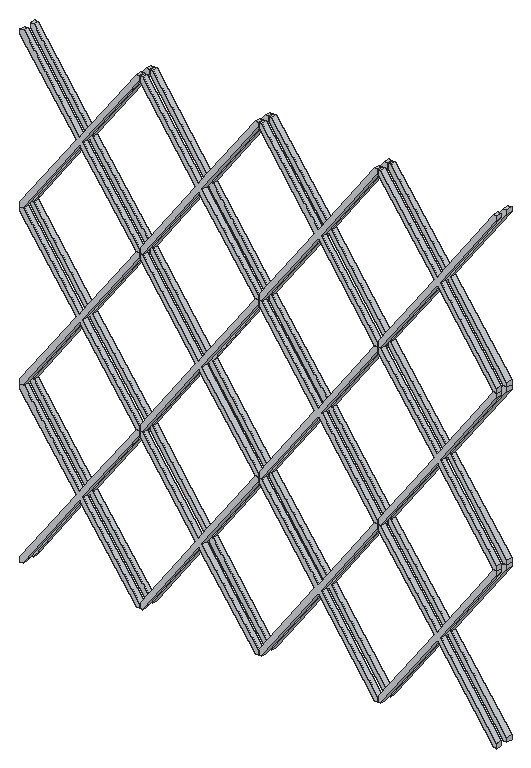
Revit family "M_Padrão do montante_diamante_3x4", category Modelos genéricos, Revit 2019
Family settings
  Pode hospedar o vergalhão = Não
  Cota do conector redondo = Utilizar diâmetro
  Tipo de parte = Normal
  Com base no plano de trabalho = Não
  Sempre na vertical = Sim
  Corte com vazios quando carregada = Não
  Compartilhado = Sim
  Ponto de cálculo do ambiente = Não
Parameters
  Distância = 19.05 mm
  Largura [instance] = 1200 mm
  Espessura = 12.7 mm
  Altura [instance] = 1200 mm
  Material interior [instance] = none
  Material externo [instance] = none
Reference planes
  plane 1 "Centro (Frente/Trás)": y = 0
  plane 2: z = 0
  plane 3 "Centro (Esquerda/Direita)": x = 0
  plane 4: z = 1200
  plane 5: x = -600
  plane 6: x = 600
  plane 7: z = 800
  plane 8: z = 400
  plane 9: x = -300
  plane 10: x = 300
Dimensions and locks
  "Largura": plane 6 to plane 5
  "Altura": plane 4 to plane 2
  equal spacing: plane 6, plane 10, plane 3 "Centro (Esquerda/Direita)", plane 9, plane 5
  equal spacing: plane 4, plane 7, plane 8, plane 2
  aligned and locked: plane 2 to level
  aligned and locked: plane 1 "Centro (Frente/Trás)" to nested 1
  aligned and locked: plane 1 "Centro (Frente/Trás)" to nested 2
  aligned and locked: plane 1 "Centro (Frente/Trás)" to nested 3
  aligned and locked: plane 1 "Centro (Frente/Trás)" to nested 4
  aligned and locked: plane 1 "Centro (Frente/Trás)" to nested 5
  aligned and locked: plane 1 "Centro (Frente/Trás)" to nested 6
  aligned and locked: plane 6 to nested 5
  aligned and locked: plane 6 to nested 4
  aligned and locked: plane 6 to nested 3
  aligned and locked: plane 10 to nested 5
  aligned and locked: plane 2 to nested 5
  aligned and locked: plane 8 to nested 5
  aligned and locked: plane 10 to nested 4
  aligned and locked: plane 8 to nested 4
  aligned and locked: plane 7 to nested 4
  aligned and locked: plane 10 to nested 3
  aligned and locked: plane 7 to nested 3
  aligned and locked: plane 4 to nested 3
  aligned and locked: plane 10 to nested 2
  aligned and locked: plane 3 "Centro (Esquerda/Direita)" to nested 2
  aligned and locked: plane 2 to nested 2
  aligned and locked: plane 8 to nested 2
  aligned and locked: plane 8 to nested 1
  aligned and locked: plane 7 to nested 1
  aligned and locked: plane 10 to nested 1
  aligned and locked: plane 3 "Centro (Esquerda/Direita)" to nested 1
  aligned and locked: plane 3 "Centro (Esquerda/Direita)" to nested 6
  aligned and locked: plane 10 to nested 6
  aligned and locked: plane 4 to nested 6
  aligned and locked: plane 7 to nested 6
  aligned and locked: plane 1 "Centro (Frente/Trás)" to nested 9
  aligned and locked: plane 1 "Centro (Frente/Trás)" to nested 12
  aligned and locked: plane 1 "Centro (Frente/Trás)" to nested 10
  aligned and locked: plane 1 "Centro (Frente/Trás)" to nested 7
  aligned and locked: plane 1 "Centro (Frente/Trás)" to nested 11
  aligned and locked: plane 1 "Centro (Frente/Trás)" to nested 8
  aligned and locked: plane 3 "Centro (Esquerda/Direita)" to nested 9
  aligned and locked: plane 3 "Centro (Esquerda/Direita)" to nested 10
  aligned and locked: plane 3 "Centro (Esquerda/Direita)" to nested 11
  aligned and locked: plane 2 to nested 11
  aligned and locked: plane 8 to nested 11
  aligned and locked: plane 8 to nested 10
  aligned and locked: plane 7 to nested 10
  aligned and locked: plane 7 to nested 9
  aligned and locked: plane 4 to nested 9
  aligned and locked: plane 9 to nested 9
  aligned and locked: plane 9 to nested 10
  aligned and locked: plane 9 to nested 11
  aligned and locked: plane 9 to nested 12
  aligned and locked: plane 9 to nested 7
  aligned and locked: plane 9 to nested 8
  aligned and locked: plane 5 to nested 8
  aligned and locked: plane 5 to nested 7
  aligned and locked: plane 5 to nested 12
  aligned and locked: plane 2 to nested 8
  aligned and locked: plane 8 to nested 8
  aligned and locked: plane 8 to nested 7
  aligned and locked: plane 7 to nested 12
  aligned and locked: plane 7 to nested 7
  aligned and locked: plane 4 to nested 12
Nested families
  nested 1: "M_Padrão do montante_diamante" at (150, 0, 400), Material externo <- "Material externo", Material interior <- "Material interior", type "M_Padrão do montante_diamante"
    with W 300 mm, Material interior none, H 400 mm, Material externo none
  nested 2: "M_Padrão do montante_diamante" at (150, 0, 0), Material externo <- "Material externo", Material interior <- "Material interior", type "M_Padrão do montante_diamante"
    with W 300 mm, Material interior none, H 400 mm, Material externo none
  nested 3: "M_Padrão do montante_diamante" at (450, 0, 800), Material externo <- "Material externo", Material interior <- "Material interior", type "M_Padrão do montante_diamante"
    with W 300 mm, Material interior none, H 400 mm, Material externo none
  nested 4: "M_Padrão do montante_diamante" at (450, 0, 400), Material externo <- "Material externo", Material interior <- "Material interior", type "M_Padrão do montante_diamante"
    with W 300 mm, Material interior none, H 400 mm, Material externo none
  nested 5: "M_Padrão do montante_diamante" at (450, 0, 0), Material externo <- "Material externo", Material interior <- "Material interior", type "M_Padrão do montante_diamante"
    with W 300 mm, Material interior none, H 400 mm, Material externo none
  nested 6: "M_Padrão do montante_diamante" at (150, 0, 800), Material externo <- "Material externo", Material interior <- "Material interior", type "M_Padrão do montante_diamante"
    with W 300 mm, Material interior none, H 400 mm, Material externo none
  nested 7: "M_Padrão do montante_diamante" at (-450, 0, 400), Material externo <- "Material externo", Material interior <- "Material interior", type "M_Padrão do montante_diamante"
    with W 300 mm, Material interior none, H 400 mm, Material externo none
  nested 8: "M_Padrão do montante_diamante" at (-450, 0, 0), Material externo <- "Material externo", Material interior <- "Material interior", type "M_Padrão do montante_diamante"
    with W 300 mm, Material interior none, H 400 mm, Material externo none
  nested 9: "M_Padrão do montante_diamante" at (-150, 0, 800), Material externo <- "Material externo", Material interior <- "Material interior", type "M_Padrão do montante_diamante"
    with W 300 mm, Material interior none, H 400 mm, Material externo none
  nested 10: "M_Padrão do montante_diamante" at (-150, 0, 400), Material externo <- "Material externo", Material interior <- "Material interior", type "M_Padrão do montante_diamante"
    with W 300 mm, Material interior none, H 400 mm, Material externo none
  nested 11: "M_Padrão do montante_diamante" at (-150, 0, 0), Material externo <- "Material externo", Material interior <- "Material interior", type "M_Padrão do montante_diamante"
    with W 300 mm, Material interior none, H 400 mm, Material externo none
  nested 12: "M_Padrão do montante_diamante" at (-450, 0, 800), Material externo <- "Material externo", Material interior <- "Material interior", type "M_Padrão do montante_diamante"
    with W 300 mm, Material interior none, H 400 mm, Material externo none
Definition of nested family "M_Padrão do montante_diamante"
  Parameters (values of type "M_Padrão do montante_diamante")
    W [instance] = 1200 mm
    Espessura = 12.7 mm
    H [instance] = 1200 mm
    Material interior [instance] = none
    Distância = 19.05 mm
    Material externo [instance] = none
  Reference planes
    plane 1 "Centro (Frente/Trás)": y = 0
    plane 2: z = 0
    plane 3 "Centro (Esquerda/Direita)": x = 0
    plane 4: z = 1200
    plane 5: x = -600
    plane 6: x = 600
    plane 7: z = 600
    plane 8: y = 9.525
    plane 9: y = -9.525
    plane 10: y = 22.225
    plane 11: y = -22.225
  Forms (mm)
    Extrusion 1, solid, material <- "Material externo", detail levels fine
      sketch origin (-600, 0, 1200) x (0.707107, 0, -0.707107) y (0.707107, 0, 0.707107)
        loop
          line (0, 6.35) -> (0, -6.35) -> (1697.056, -6.35) -> (1697.056, 6.35) -> (0, 6.35)
      from -22.225 to -9.525
    Extrusion 2, solid, material <- "Material externo", detail levels fine
      sketch origin (600, 0, 1200) x (-0.707107, 0, -0.707107) y (0.707107, 0, -0.707107)
        loop
          line (1697.056, 6.35) -> (0, 6.35) -> (0, -6.35) -> (1697.056, -6.35) -> (1697.056, 6.35)
      from -22.225 to -9.525
    Extrusion 3, void
      sketch origin (0, 0, 0) x (1, 0, 0) y (0, 0, 1)
        loop
          line (-600, 1200) -> (-600, 0) -> (600, 0) -> (600, 1200) -> (-600, 1200)
        loop
          line (-612.7, 1212.7) -> (-612.7, -12.7) -> (612.7, -12.7) -> (612.7, 1212.7) -> (-612.7, 1212.7)
      from -22.225 to 22.225
    Extrusion 4, solid, material <- "Material interior", detail levels fine
      sketch origin (-600, 0, 1200) x (0.707107, 0, -0.707107) y (0.707107, 0, 0.707107)
        loop
          line (0, 6.35) -> (0, -6.35) -> (1697.056, -6.35) -> (1697.056, 6.35) -> (0, 6.35)
      from 9.525 to 22.225
    Extrusion 5, solid, material <- "Material interior", detail levels fine
      sketch origin (600, 0, 1200) x (-0.707107, 0, -0.707107) y (0.707107, 0, -0.707107)
        loop
          line (0, -6.35) -> (1697.056, -6.35) -> (1697.056, 6.35) -> (0, 6.35) -> (0, -6.35)
      from 9.525 to 22.225
  Cuts and joins
    Extrusion 3 cuts Extrusion 1
    Extrusion 3 cuts Extrusion 2
    joined: Extrusion 1, Extrusion 2
    Extrusion 3 cuts Extrusion 4
    Extrusion 3 cuts Extrusion 5
    joined: Extrusion 4, Extrusion 5
  Lines and regions (mm)
    reference lines
      curve 1: line (-600, 0, 1200) -> (600, 0, 0)
      curve 2: line (600, 0, 1200) -> (-600, 0, 0)
      curve 3: line (-600, 0, 1200) -> (-447.336, 0, 1352.664)
      curve 4: line (600, 0, 0) -> (793.076, 0, 193.076)
      curve 5: line (-529.006, 0, 1120.026) -> (416.643, 0, 174.377)
      curve 6: line (-520.026, 0, 1129.006) -> (425.623, 0, 183.357)
      curve 7: line (600, 0, 1200) -> (469.786, 0, 1330.214)
      curve 8: line (-600, 0, 0) -> (-707.763, 0, 107.763)
      curve 9: line (-595.51, 0, -4.49) -> (557.214, 0, 1148.233)
      curve 10: line (-604.49, 0, 4.49) -> (548.233, 0, 1157.214)
    model lines, detail levels medium
      curve 11: line (600, 9.525, 0) -> (-600, 9.525, 1200)
      curve 12: line (600, 9.525, 1200) -> (-600, 9.525, 0)
      curve 13: line (600, -9.525, 0) -> (-600, -9.525, 1200)
      curve 14: line (600, -9.525, 1200) -> (-600, -9.525, 0)
  Dimensions and locks
    equal spacing: plane 6, plane 3 "Centro (Esquerda/Direita)", plane 5
    "W": plane 6 to plane 5
    "H": plane 4 to plane 2
    equal spacing: plane 4, plane 7, plane 2
    equal spacing: curve 5, curve 1, curve 6
    "Espessura": curve 5 to curve 6
    equal spacing: curve 9, curve 2, curve 10
    "Espessura": curve 9 to curve 10
    "Espessura": Extrusion 3 sketch curve to plane 6
    "Espessura": plane 2 to Extrusion 3 sketch curve
    "Espessura": plane 5 to Extrusion 3 sketch curve
    "Espessura": Extrusion 3 sketch curve to plane 4
    "Distância": plane 8 to plane 9
    equal spacing: plane 8, plane 1 "Centro (Frente/Trás)", plane 9
    "Espessura": plane 10 to plane 8
    "Espessura": plane 9 to plane 11
    locked: curve 1 to curve 3 (angle 90.00°)
    locked: curve 4 to curve 1 (angle 90.00°)
    locked: curve 7 to curve 2 (angle 90.00°)
    locked: curve 2 to curve 8 (angle 90.00°)
    aligned and locked: plane 2 to level
    aligned and locked: plane 4 to curve 1
    aligned and locked: plane 5 to curve 1
    aligned and locked: plane 2 to curve 2
    aligned and locked: plane 5 to curve 2
    aligned and locked: plane 6 to curve 1
    aligned and locked: plane 2 to curve 1
    aligned and locked: plane 6 to curve 2
    aligned and locked: plane 4 to curve 2
    aligned and locked: plane 4 to curve 3
    aligned and locked: plane 5 to curve 3
    aligned and locked: plane 6 to curve 4
    aligned and locked: plane 2 to curve 4
    aligned and locked: Extrusion 1 sketch curve to curve 5
    aligned and locked: Extrusion 1 sketch curve to curve 3
    aligned and locked: Extrusion 1 sketch curve to curve 6
    aligned and locked: curve 6 to Extrusion 1 sketch curve
    aligned and locked: curve 5 to Extrusion 1 sketch curve
    aligned and locked: Extrusion 1 sketch curve to curve 4
    aligned and locked: curve 4 to Extrusion 1 sketch curve
    aligned and locked: plane 5 to curve 8
    aligned and locked: plane 2 to curve 8
    aligned and locked: plane 6 to curve 7
    aligned and locked: plane 4 to curve 7
    aligned and locked: Extrusion 2 sketch curve to curve 10  (x2)
    aligned and locked: Extrusion 2 sketch curve to curve 8  (x2)
    aligned and locked: curve 9 to Extrusion 2 sketch curve  (x2)
    aligned and locked: curve 7 to Extrusion 2 sketch curve
    aligned and locked: plane 5 to Extrusion 3 sketch curve
    aligned and locked: Extrusion 3 sketch curve to plane 4
    aligned and locked: Extrusion 3 sketch curve to plane 6
    aligned and locked: plane 2 to Extrusion 3 sketch curve
    aligned and locked: plane 10 to cut or joined group of Extrusion 1, Extrusion 2, Extrusion 3  (x2)
    aligned and locked: cut or joined group of Extrusion 1, Extrusion 2, Extrusion 3 to plane 8  (x2)
    aligned and locked: plane 10 to Extrusion 3
    aligned and locked: Extrusion 3 to plane 11
    aligned and locked: curve 3 to Extrusion 4 sketch curve
    aligned and locked: Extrusion 4 sketch curve to curve 3
    aligned and locked: Extrusion 4 sketch curve to curve 6
    aligned and locked: Extrusion 4 sketch curve to curve 5
    aligned and locked: Extrusion 4 sketch curve to curve 4
    aligned and locked: curve 6 to Extrusion 4 sketch curve
    aligned and locked: curve 5 to Extrusion 4 sketch curve
    aligned and locked: Extrusion 5 sketch curve to curve 9
    aligned and locked: Extrusion 5 sketch curve to curve 10
    aligned and locked: Extrusion 5 sketch curve to curve 7  (x2)
    aligned and locked: Extrusion 5 sketch curve to curve 8  (x2)
    aligned and locked: curve 9 to Extrusion 5 sketch curve
    aligned and locked: curve 10 to Extrusion 5 sketch curve
    aligned and locked: Extrusion 4 to plane 11
    aligned and locked: Extrusion 5 to plane 11
    aligned and locked: plane 9 to Extrusion 4
    aligned and locked: plane 9 to Extrusion 5
    aligned and locked: plane 2 to curve 11
    aligned and locked: plane 6 to curve 11
    aligned and locked: plane 5 to curve 11
    aligned and locked: plane 4 to curve 11
    aligned and locked: plane 5 to curve 12
    aligned and locked: plane 2 to curve 12
    aligned and locked: plane 4 to curve 12
    aligned and locked: plane 6 to curve 12
    aligned and locked: plane 2 to curve 13
    aligned and locked: plane 6 to curve 13
    aligned and locked: plane 4 to curve 14
    aligned and locked: plane 6 to curve 14
    aligned and locked: plane 4 to curve 13
    aligned and locked: plane 5 to curve 13
    aligned and locked: plane 2 to curve 14
    aligned and locked: plane 5 to curve 14
  Automatic sketch dimensions
    curve 1 to curve 6 = 106.751 mm
    curve 1 to curve 5 = 106.751 mm
    curve 5 to curve 1 = 252.956 mm
    curve 6 to curve 5 = 0 mm
    curve 2 to curve 9 = 0 mm
    curve 2 to curve 9 = 66.859 mm
    curve 2 to curve 10 = 66.859 mm
